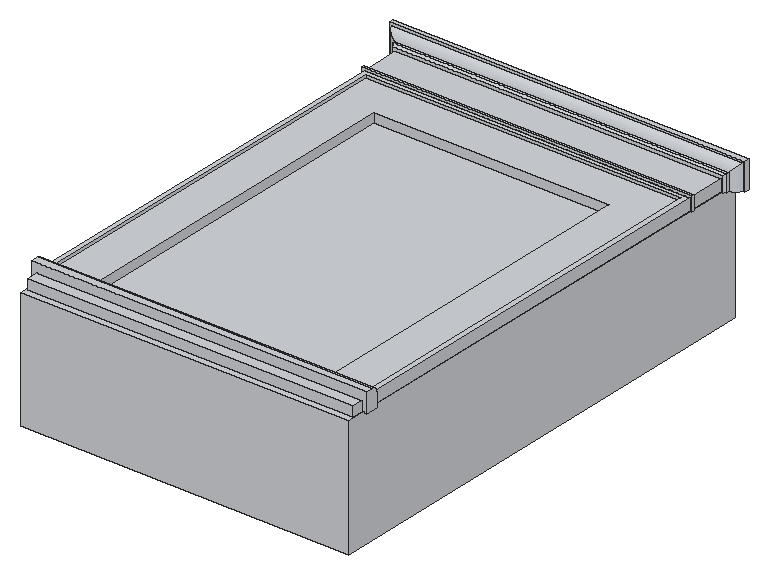
Revit family "M_M_Moldura-janela-interior-plana-cornija-vitoriana-2", category Modelos genéricos, Revit 2019
Family settings
  Hospedeiro = Face
  Pode hospedar o vergalhão = Não
  Cota do conector redondo = Utilizar diâmetro
  Tipo de parte = Normal
  Corte com vazios quando carregada = Não
  Compartilhado = Sim
  Ponto de cálculo do ambiente = Não
Parameters (values of type "com escudo")
  Largura da apara = 115 mm
  Espessura da apara = 30 mm
  Material da apara [instance] = none
  Espessura do peitoril = 30 mm
  Largura da abertura [instance] = 600 mm
  Altura da abertura [instance] = 900 mm
  Comprimento = Espessura da cornija * 0.8  # 32 mm
  Altura da extremidade = 100 mm
  Elevação-padrão = 1200 mm
  Espessura da cornija = 40 mm
  Profundidade de Cornija = Espessura da apara + 40 mm  # 70 mm
  Visibilidade do escudo = yes
  Espessura do escudo = 30 mm
Types (2, lengths in mm): name | Visibilidade do escudo
  com escudo | yes
  sem escudo | no
Reference planes
  plane 1 "Centro (Frente/Trás)": y = 0
  plane 2: z = 0
  plane 3 "Centro (Esquerda/Direita)": x = 0
  plane 4: y = 215
  plane 5 "Esquerda": x = -300
  plane 6 "Direita": x = 300
  plane 7 "Inferior": y = -900
  plane 8: x = 415
  plane 9 "1": x = -415
  plane 10: z = 30
  plane 11: x = 421.35
  plane 12: x = -421.35
  plane 13: y = -450
  plane 14: y = 255
  plane 15: z = 70
  plane 16: z = 48.625
  plane 17: x = -453.35
  plane 18: x = 453.35
  plane 19: y = -930
  plane 20: x = -427.7
  plane 21: x = 427.7
  plane 22: y = 237.857
  plane 23: y = 226.429
  plane 24: z = 39.688
  plane 25: z = 37.937
  plane 26: z = 59.312
  plane 27: y = 249.286
  plane 28: y = 232.143
  plane 29: y = 220.714
  plane 30: y = 243.571
  plane 31: z = 64.656
  plane 32: z = 67.328
  plane 33: z = 61.984
  plane 34: y = 252.143
  plane 35: y = 243.571
  plane 36: y = 232.143
  plane 37: y = 220.714
  plane 38: y = 226.429
  plane 39: y = 249.286
  plane 40: y = 237.857
  plane 41: x = -442.683
  plane 42: x = -432.017
  plane 43: x = 432.017
  plane 44: x = 442.683
  plane 45: z = 36.35
  plane 46: y = -960
  plane 47: z = 25.4
  plane 48: z = 43.281
  plane 49: x = -448.017
  plane 50: x = -426.683
  plane 51: y = 115
  plane 52: x = -402.3
  plane 53: z = 23.65
  plane 54: y = 121.35
  plane 55: z = 49.05
  plane 56: z = 36.35
  plane 57: y = -912.7
  plane 58: x = 426.683
  plane 59: x = 448.017
Forms (mm)
  Extrusion 1, solid
    sketch origin (0, 0, 0) x (1, 0, 0) y (0, 1, 0)
      loop
        line (-419.1, 254) -> (-419.1, -977.9) -> (419.1, -977.9) -> (419.1, 254) -> (-419.1, 254)
    from 0 to -304.8
  Extrusion 2, solid, material <- "Material da apara"
    sketch origin (0, 0, 0) x (0, 1, 0) y (0, 0, 1)
      loop
        line (-900, 0) -> (-900, 36.35)
        arc (-900, 36.35) -> (-903.72, 45.33) -> (-912.7, 49.05) r 12.7
        line (-912.7, 49.05) -> (-930, 49.05) -> (-930, 0) -> (-900, 0)
    from -427.7 to 427.7
  Extrusion 3, solid, material <- "Material da apara"
    sketch origin (-415, 0, 0) x (0, -1, 0) y (0, 0, 1)
      loop
        line (-255, 0) -> (-215, 0) -> (-215, 37.937)
        arc (-215, 37.937) -> (-218.831, 39.568) -> (-220.714, 43.281) r 6.081
        line (-220.714, 43.281) -> (-226.429, 43.281)
        arc (-226.429, 43.281) -> (-232.284, 56.147) -> (-243.571, 64.656) r 28.695
        line (-243.571, 64.656) -> (-243.571, 70) -> (-255, 70) -> (-255, 0)
    from -868.35 to 38.35
  Extrusion 4, void
    sketch origin (0, 0, 0) x (1, 0, 0) y (0, 1, 0)
      loop
        line (-453.35, 215) -> (-421.35, 215)
        arc (-421.35, 215) -> (-423.028, 218.78) -> (-426.683, 220.714) r 6.323
        line (-426.683, 220.714) -> (-426.683, 226.429)
        arc (-426.683, 226.429) -> (-439.554, 232.257) -> (-448.017, 243.571) r 28.364
        line (-448.017, 243.571) -> (-453.35, 243.571) -> (-453.35, 215)
      loop
        line (421.35, 215) -> (453.35, 215) -> (453.35, 243.571) -> (448.017, 243.571)
        arc (448.017, 243.571) -> (439.554, 232.257) -> (426.683, 226.429) r 28.364
        line (426.683, 226.429) -> (426.683, 220.714)
        arc (426.683, 220.714) -> (423.028, 218.78) -> (421.35, 215) r 6.323
    from 0 to 70
  Extrusion 5, solid, material <- "Material da apara"
    sketch origin (0, 0, 0) x (1, 0, 0) y (0, 1, 0)
      loop
        line (-421.35, 121.35) -> (-421.35, 115) -> (421.35, 115) -> (421.35, 121.35) -> (-421.35, 121.35)
    from 0 to 36.35
  Extrusion 6, solid, material <- "Material da apara", visible <- "Visibilidade do escudo"
    sketch origin (-300, 0, 0) x (0, 1, 0) y (0, 0, 1)
      loop
        line (-930, 25.4) -> (-960, 25.4) -> (-960, 0) -> (-930, 0) -> (-930, 25.4)
    from -115 to 715
  Extrusion 7, solid, material <- "Material da apara"
    sketch origin (0, 0, 0) x (1, 0, 0) y (0, 1, 0)
      loop
        line (-415, 215) -> (-415, 115) -> (415, 115) -> (415, 215) -> (-415, 215)
    from 0 to 30
  Sweep 8, solid, material <- "Material da apara"
    path origin (0, 0, 0) x (1, 0, 0) y (0, 1, 0)
      loop
        line (-300, -900) -> (-300, 0) -> (300, 0) -> (300, -900)
    profile origin (-300, -450, 0) x (-1, 0, 0) y (0, 0, 1)
      loop
        line (0, 0) -> (115, 0) -> (115, 30) -> (102.3, 30) -> (102.3, 23.65) -> (0, 23.65) -> (0, 0)
Cuts and joins
  Extrusion 4 cuts Extrusion 3
Dimensions and locks
  equal spacing: plane 5 "Esquerda", plane 3 "Centro (Esquerda/Direita)", plane 6 "Direita"
  "Largura da abertura": plane 5 "Esquerda" to plane 6 "Direita"
  "Altura da abertura": plane 7 "Inferior" to plane 1 "Centro (Frente/Trás)"
  "Largura da apara": plane 9 "1" to plane 5 "Esquerda"
  "Largura da apara": plane 6 "Direita" to plane 8
  locked: plane 12 to plane 9 "1" at 6.35
  locked: plane 8 to plane 11 at 6.35
  equal spacing: plane 7 "Inferior", plane 13, plane 1 "Centro (Frente/Trás)"
  "Espessura da apara": plane 10 to plane 2
  "Comprimento": plane 17 to plane 12
  "Comprimento": plane 11 to plane 18
  "Espessura da cornija": plane 14 to plane 4
  "Espessura do peitoril": plane 7 "Inferior" to plane 19
  "Profundidade de Cornija": plane 15 to plane 2
  locked: plane 20 to plane 9 "1" at 12.7
  locked: plane 8 to plane 21 at 12.7
  locked: plane 25 to plane 10 at 7.937
  equal spacing: plane 15, plane 26, plane 16, plane 25
  equal spacing: plane 14, plane 27, plane 30, plane 22, plane 28, plane 23, plane 29, plane 4
  equal spacing: plane 15, plane 32, plane 31, plane 33, plane 26
  equal spacing: plane 14, plane 34, plane 27
  equal spacing: plane 14, plane 39, plane 35, plane 40, plane 36, plane 38, plane 37, plane 4
  equal spacing: plane 17, plane 41, plane 42, plane 12
  equal spacing: plane 11, plane 43, plane 44, plane 18
  locked: plane 45 to plane 10 at 6.35
  "Espessura do escudo": plane 19 to plane 46
  locked: plane 47 to plane 2 at 25.4
  equal spacing: plane 16, plane 48, plane 25
  equal spacing: plane 17, plane 49, plane 41
  equal spacing: plane 42, plane 50, plane 12
  "Largura da apara": plane 51 to plane 1 "Centro (Frente/Trás)"
  "Altura da extremidade": plane 4 to plane 51
  locked: plane 9 "1" to plane 52 at 12.7
  locked: plane 53 to plane 10 at 6.35
  locked: plane 54 to plane 51 at 6.35
  locked: plane 55 to plane 10 at 19.05
  locked: plane 55 to plane 56 at 12.7
  locked: plane 7 "Inferior" to plane 57 at 12.7
  equal spacing: plane 11, plane 58, plane 43
  equal spacing: plane 44, plane 59, plane 18
  radius of Extrusion 2 sketch curve = 12.7 mm
  locked: Extrusion 2 sketch curve to Extrusion 2 sketch curve (angle 90.00°)
  aligned and locked: plane 2 to Extrusion 1
  aligned and locked: level to Extrusion 1
  aligned and locked: Extrusion 2 sketch curve to level
  aligned and locked: plane 7 "Inferior" to Extrusion 2 sketch curve
  aligned and locked: plane 17 to Extrusion 3
  aligned and locked: plane 18 to Extrusion 3
  aligned and locked: plane 15 to Extrusion 4
  aligned and locked: Extrusion 4 to plane 2
  aligned and locked: plane 20 to Extrusion 2
  aligned and locked: Extrusion 2 to plane 21
  aligned and locked: plane 2 to Extrusion 3 sketch curve  (x2)
  aligned and locked: plane 4 to Extrusion 3 sketch curve  (x2)
  aligned and locked: plane 25 to Extrusion 3 sketch curve
  aligned and locked: plane 14 to Extrusion 3 sketch curve  (x2)
  aligned and locked: plane 17 to Extrusion 4 sketch curve  (x2)
  aligned and locked: plane 12 to Extrusion 4 sketch curve
  aligned and locked: Extrusion 4 sketch curve to plane 4  (x2)
  aligned and locked: plane 11 to Extrusion 4 sketch curve
  aligned and locked: plane 18 to Extrusion 4 sketch curve  (x2)
  aligned and locked: plane 4 to Extrusion 4 sketch curve
  aligned and locked: plane 35 to Extrusion 4 sketch curve
  aligned and locked: Extrusion 5 sketch curve to plane 12
  aligned and locked: plane 11 to Extrusion 5 sketch curve
  aligned and locked: plane 46 to Extrusion 6 sketch curve
  aligned and locked: plane 47 to Extrusion 6 sketch curve
  aligned and locked: Extrusion 6 sketch curve to plane 19
  aligned and locked: plane 2 to Extrusion 6 sketch curve
  aligned and locked: Extrusion 6 to plane 8
  aligned and locked: plane 9 "1" to Extrusion 6
  aligned and locked: plane 29 to Extrusion 3 sketch curve
  aligned and locked: plane 23 to Extrusion 3 sketch curve
  aligned and locked: Extrusion 3 sketch curve to plane 48
  aligned and locked: plane 31 to Extrusion 3 sketch curve
  aligned and locked: plane 15 to Extrusion 3 sketch curve
  aligned and locked: Extrusion 3 sketch curve to plane 30
  aligned and locked: Extrusion 3 sketch curve to plane 15
  aligned and locked: plane 38 to Extrusion 4 sketch curve  (x2)
  aligned and locked: plane 37 to Extrusion 4 sketch curve  (x2)
  aligned and locked: plane 50 to Extrusion 4 sketch curve
  aligned and locked: plane 49 to Extrusion 4 sketch curve
  aligned and locked: Extrusion 7 sketch curve to plane 4
  aligned and locked: plane 51 to Extrusion 7 sketch curve
  aligned and locked: Extrusion 7 sketch curve to plane 9 "1"
  aligned and locked: Extrusion 7 sketch curve to plane 8
  aligned and locked: Extrusion 7 to plane 2
  aligned and locked: plane 10 to Extrusion 7
  aligned and locked: plane 7 "Inferior" to Sweep 8 sketch curve  (x2)
  aligned and locked: Sweep 8 sketch curve to plane 5 "Esquerda"  (x2)
  aligned and locked: plane 5 "Esquerda" to Sweep 8 sketch curve  (x2)
  aligned and locked: plane 1 "Centro (Frente/Trás)" to Sweep 8 sketch curve  (x2)
  aligned and locked: Sweep 8 sketch curve to plane 6 "Direita"
  aligned and locked: Sweep 8 sketch curve to plane 2
  aligned and locked: plane 52 to Sweep 8 sketch curve  (x2)
  aligned and locked: plane 2 to Sweep 8 sketch curve
  aligned and locked: Sweep 8 sketch curve to plane 9 "1"
  aligned and locked: Sweep 8 sketch curve to plane 53
  aligned and locked: Sweep 8 sketch curve to plane 10
  aligned and locked: Extrusion 5 sketch curve to plane 54
  aligned and locked: plane 51 to Extrusion 5 sketch curve
  aligned and locked: plane 45 to Extrusion 5
  aligned and locked: Extrusion 5 to plane 2
  aligned and locked: plane 57 to Extrusion 2 sketch curve
  aligned and locked: plane 56 to Extrusion 2 sketch curve  (x2)
  aligned and locked: plane 55 to Extrusion 2 sketch curve
  aligned and locked: plane 19 to Extrusion 2 sketch curve
  aligned and locked: Extrusion 4 sketch curve to plane 58
  aligned and locked: plane 59 to Extrusion 4 sketch curve
  aligned and locked: Extrusion 4 sketch curve to plane 35
Automatic sketch dimensions
  Extrusion 1 sketch curve to Extrusion 1 sketch curve = 838.2 mm
  Extrusion 1 sketch curve to Extrusion 1 sketch curve = 1231.9 mm
  Extrusion 3 sketch curve to plane 14 = 0.331 mm
  plane 48 to Extrusion 3 sketch curve = 0.728 mm
  Extrusion 4 sketch curve to plane 35 = 0 mm
  plane 20 to Extrusion 4 sketch curve = 0.049 mm
  plane 12 to Extrusion 4 sketch curve = 0.437 mm
  Extrusion 4 sketch curve to plane 11 = 0.437 mm
  plane 21 to Extrusion 4 sketch curve = 0.049 mm
